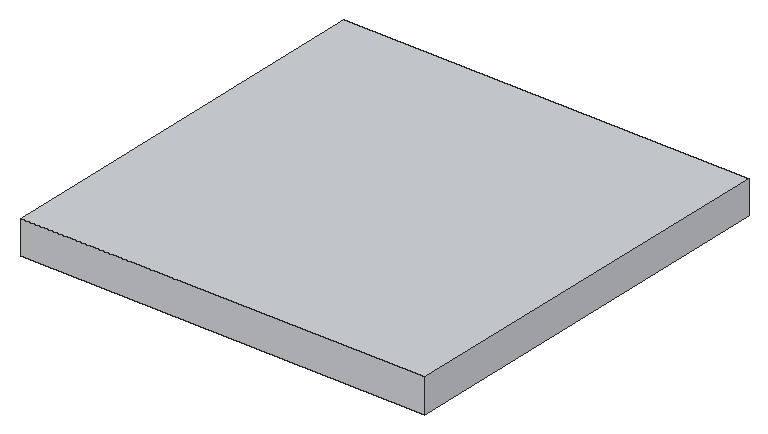
Revit family "DMElétrico_Circuito_Telefone", category Dispositivos de telefonia, Revit 2025
Family settings
  Cota do conector redondo = Utilizar diâmetro
  Tipo de parte = Normal
  Com base no plano de trabalho = Não
  Sempre na vertical = Sim
  Corte com vazios quando carregada = Não
  Manter orientação da anotação = Não
  Compartilhado = Não
  Ponto de cálculo do ambiente = Não
Parameters
  Elevação padrão = 0 mm
Reference planes
  plane 1 "Center (Front/Back)": y = 0
  plane 2: z = 0
  plane 3 "Center (Left/Right)": x = 0
Forms (mm)
  Extrusion 1, solid
    sketch origin (0, 0, 0) x (1, 0, 0) y (0, 1, 0)
      loop
        line (-15, 15) -> (-15, -15) -> (15, -15) -> (15, 15) -> (-15, 15)
    from 0 to -2.5
Lines and regions (mm)
  model lines
    curve 1: circle (0, 0, 0) r 15 normal (0, 0, 1)
    curve 2: circle (0, 0, 0) r 15 normal (0, -1, 0)
    curve 3: circle (0, 0, 0) r 15 normal (1, 0, 0)
Dimensions and locks
  aligned and locked: level to plane 2
Connectors
  cabletrayconduit at (0, 0, 0), diameter 32
    settings: on Extrusion 1, index 1, connector width 300 mm, connector height 300 mm, connector angle 0.00°, system type 32, placement type 0, profile type 0, connector reference index -1, is primary connector yes, connector utility param no, connector description ""
  cabletrayconduit at (0, 0, -2.5), diameter 32
    settings: on Extrusion 1, index 2, connector width 300 mm, connector height 300 mm, connector angle 0.00°, system type 32, placement type 0, profile type 0, connector reference index -1, is primary connector no, connector utility param no, connector description ""
  electrical at (0, 0, 0)
    settings: on Extrusion 1, index 3, voltage 0 V, apparent load 0 VA, apparent load phase1 0 VA, apparent load phase2 0 VA, apparent load phase3 0 VA, power factor 1, load classification "Outro", number of poles 1, system type 9, power factor state 1, is connector primary yes, connector utility no, sub classification motor no, connector description ""
